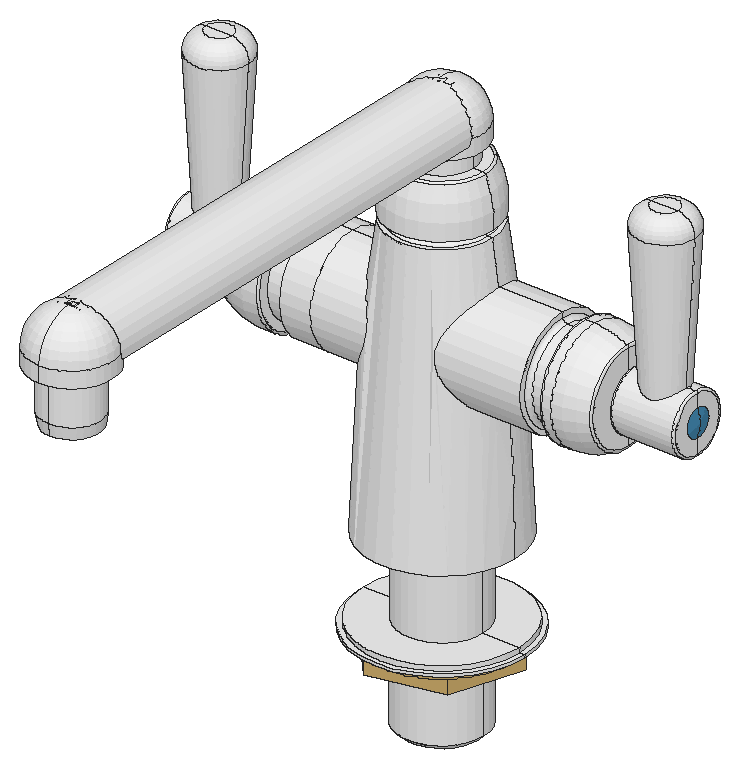
Revit family "Sanitary_Taps&Mixers_Zurn_Z826F1-XL", category Plumbing Fixtures, host Face, Revit 2022
Family settings
  Host = Face
  Round Connector Dimension = Use Radius
  Part Type = Normal
  OmniClass Number = 23.45.55.17
  OmniClass Title = Mixing Faucets
  Cut with Voids When Loaded = No
  Maintain Annotation Orientation = No
  Shared = No
  Room Calculation Point = No
Parameters (values of type "Z826F1-XL-2F (2.2 GPM AERATOR OUTLET)")
  Waste Connection = 1 = 0  # no
  WFU = 0  # constant formula
  Vent Connection = 1 = 0  # no
  URL = "http://www.zurn.com/"
  Type of Outlet = "AERATOR"
  Type Comments = ""
  Spout Reach = 3.750"  # constant formula
  Spout Height = 5.125"  # constant formula
  Spout Base Width = 3.875"  # constant formula
  Product data url = "https://www.bimobject.com/en-us/zurnindustries/product/zurn-z826f1-xl"
  Product Page URL = "https://www.zurn.com/products/finish-plumbing/aquaspec-manual-faucets/manual-faucets/z826f1-xl"
  Product Documentation Link = "https://files.zurn.com/spec-sheets/ss-z826f1-xl.pdf"
  Modified date = "10/16/2025"  # constant formula
  Model = "Z826F1-XL"  # constant formula
  Manufacturer Brand = "Zurn"  # constant formula
  Manufacturer = "Zurn Water, LLC"  # constant formula
  Main Material = Chrome-Plated Brass - Zurn - Polished
  Handle length = 2.500"  # constant formula
  HWFU = 1  # constant formula
  HW Connection = 1 = 1  # yes
  Flow Rate = 2.2 GPM
  Distance b/w spout axis to aerator Axis = 6.000"  # constant formula
  Description = "LABORATORY FAUCET - DOUBLE"  # constant formula
  Default Elevation = 34.000"  # constant formula
  Date Created = "10/16/2025"  # constant formula
  Inlet Connection Size (inch) = 0.500"
  CWFU = 1  # constant formula
  CW Connection = 1 = 1  # yes
  Assembly Code = "D2010.60"
Types (9): name | Type of Outlet | Flow Rate
  (no name) | "AERATOR" | 2.2 GPM
  Z826F1-XL-2F (2.2 GPM AERATOR OUTLET) | "AERATOR" | 2.2 GPM
  Z826F1-XL-3F (0.5 GPM SPRAY OUTLET) | "SPRAY" | 0.5 GPM
  Z826F1-XL-4F (2.2 GPM LAMINAR OUTLET) | "LAMINAR" | 2.2 GPM
  Z826F1-XL-7F (1.0 GPM SPRAY OUTLET) | "SPRAY" | 1 GPM
  Z826F1-XL-16F (1.0 GPM SPRAY OUTLET) | "SPRAY" | 1 GPM
  Z826F1-XL-17F (1.5 GPM AERATOR OUTLET) | "AERATOR" | 1.5 GPM
  Z826F1-XL-18F (1.5 GPM LAMINAR OUTLET) | "LAMINAR" | 1.5 GPM
  Z826F1-XL-22F (1.0 GPM LAMINAR OUTLET) | "LAMINAR" | 1 GPM
Reference planes (in)
  plane 1 "Center (Front/Back)": y = 0
  plane 2: z = 0
  plane 3 "Center (Left/Right)": x = 0
  plane 4: x = -3.98713
  plane 5: x = 3.98623
Dimensions and locks (in)
  aligned and locked: plane 2 to host face
  aligned and locked: level to host face
  aligned and locked: host face to plane 5
  aligned and locked: host face to plane 4
  aligned and locked: plane 1 "Center (Front/Back)" to nested 1
  aligned and locked: plane 3 "Center (Left/Right)" to nested 1
  aligned and locked: host face to nested 1
Nested families (in)
  nested 1: "Z826F" at (0, 0, 0), Product Material <- "Main Material", type "Z826F"
    with Product Material Chrome-Plated Brass - Zurn - Polished
Definition of nested family "Z826F"
  Parameters (values of type "Z826F")
    Waste Connection = no
    Vent Connection = no
    Product Material [instance] = none
    HWFU = 0
    HW Connection = yes
    Diameter = 0.375"
    Default Elevation = 48.000"
    CWFU = 0
    CW Connection = yes
  Reference planes (in)
    plane 1 "Center (Front/Back)": y = 0
    plane 2: z = 0
    plane 3 "Center (Left/Right)": x = 0
    plane 4: z = -2.77518
    plane 5: x = 3.28435
    plane 6: x = -3.28435
    plane 7: z = 5.25
  Forms (in)
    Revolve 1, solid, material <- "Product Material", detail levels fine
      sketch origin (0, 0, 0) x (1, 0, 0) y (0, 0, 1)
        loop
          line (0.53134, 0) -> (0.94061, 0)
          arc (0.94061, 0) -> (0.86215, 1.80492) -> (0.65815, 3.6) r 25.92061
          line (0.65815, 3.6) -> (0.59033, 3.6)
          arc (0.59033, 3.6) -> (0.55009, 3.61667) -> (0.53343, 3.6569) r 0.0569
          line (0.53343, 3.6569) -> (0.53343, 3.7) -> (0.66604, 3.7)
          arc (0.66604, 3.7) -> (0.65269, 4.00653) -> (0.5604, 4.29913) r 1.1742
          arc (0.5604, 4.29913) -> (0.5481, 4.31378) -> (0.53013, 4.32032) r 0.03696
          line (0.53013, 4.32032) -> (0.40382, 4.32032) -> (0.40382, 4.54775) -> (0, 4.54775) -> (0, 3.7) -> (0, 0) -> (0, -1.09636) -> (0.97884, -1.09636) -> (1.06766, -1.09636) -> (1.06766, -1.062) -> (1.00238, -1.062) -> (1.00238, -1) -> (0.53134, -1) -> (0.53134, 0)
        loop
          line (0.53511, -1.375) -> (0, -1.375) -> (0, -2.25) -> (0.47496, -2.25) -> (0.53511, -2.18984) -> (0.53511, -1.375)
        axis (0, 4.54775) -> (0, -2.25)
      angle from 0 to 360
    Revolve 2, solid, material <- "Product Material", detail levels fine
      sketch origin (0, 0, 0) x (1, 0, 0) y (0, 0, 1)
        loop
          arc (-2.37154, 1.78028) -> (-2.10924, 1.691) -> (-1.83238, 1.67998) r 0.96454
          arc (-1.83238, 1.67998) -> (-1.81362, 1.68775) -> (-1.80585, 1.70651) r 0.02653
          line (-1.80585, 1.70651) -> (-1.80585, 1.81801) -> (-1.609, 1.81801)
          arc (-1.609, 1.81801) -> (-1.56479, 1.79969) -> (-1.54648, 1.75549) r 0.06252
          line (-1.54648, 1.75549) -> (-1.54648, 1.70053) -> (-1.15278, 1.70053) -> (1.55315, 1.70053) -> (1.55315, 1.76046)
          arc (1.55315, 1.76046) -> (1.57041, 1.80213) -> (1.61208, 1.81939) r 0.05893
          line (1.61208, 1.81939) -> (1.81215, 1.81939) -> (1.81215, 1.71631)
          arc (1.81215, 1.71631) -> (1.82286, 1.69046) -> (1.84871, 1.67975) r 0.03656
          line (1.84871, 1.67975) -> (1.96611, 1.67975)
          arc (1.96611, 1.67975) -> (2.18179, 1.70623) -> (2.38465, 1.78411) r 0.89152
          arc (2.38465, 1.78411) -> (2.39775, 1.79675) -> (2.40215, 1.81441) r 0.03301
          line (2.40215, 1.81441) -> (2.40215, 2.19428) -> (2.46065, 2.19428) -> (2.46065, 2.03199)
          arc (2.46065, 2.03199) -> (2.46929, 2.01112) -> (2.49016, 2.00248) r 0.02951
          line (2.49016, 2.00248) -> (3.26561, 2.00248)
          arc (3.26561, 2.00248) -> (3.28331, 2.00981) -> (3.29065, 2.02752) r 0.02504
          line (3.29065, 2.02752) -> (3.29065, 2.38113) -> (2.40215, 2.38113) -> (0.5689, 2.38113) -> (-3.28435, 2.38113) -> (-3.28435, 2.03665)
          arc (-3.28435, 2.03665) -> (-3.27415, 2.01202) -> (-3.24952, 2.00181) r 0.03483
          line (-3.24952, 2.00181) -> (-2.4773, 2.00181)
          arc (-2.4773, 2.00181) -> (-2.45907, 2.01051) -> (-2.45435, 2.03015) r 0.02346
          line (-2.45435, 2.03015) -> (-2.45435, 2.19839) -> (-2.39585, 2.19839) -> (-2.39585, 1.80953)
          arc (-2.39585, 1.80953) -> (-2.39047, 1.79246) -> (-2.37628, 1.78157) r 0.02975
        axis (-3.28435, 2.38113) -> (3.29065, 2.38113)
      angle from 0 to 360
    Revolve 3, solid, material <- "Product Material"
      sketch origin (0, 0, 0) x (1, 0, 0) y (0, 0, 1)
        loop
          line (-2.86728, 4.75854) -> (-3.03581, 4.75854)
          arc (-3.03581, 4.75854) -> (-3.19254, 4.67829) -> (-3.24435, 4.51001) r 0.22638
          line (-3.24435, 4.51001) -> (-2.86728, 4.51001) -> (-2.86728, 4.75854)
        axis (-2.86728, 4.75854) -> (-2.86728, 4.51001)
      angle from 0 to 360
    Revolve 4, solid, material <- "Product Material"
      sketch origin (0, 0, 0) x (1, 0, 0) y (0, 0, 1)
        loop
          line (-2.86728, 4.51001) -> (-3.24435, 4.51001) -> (-3.13604, 2.62921) -> (-2.86728, 2.62921) -> (-2.86728, 4.51001)
        axis (-2.86728, 4.51001) -> (-2.86728, 2.62921)
      angle from 0 to 360
    Revolve 5, solid, material <- "Product Material"
      sketch origin (5.74293, 0, 0) x (1, 0, 0) y (0, 0, 1)
        loop
          line (-2.86728, 4.51001) -> (-3.24435, 4.51001) -> (-3.13604, 2.62921) -> (-2.86728, 2.62921) -> (-2.86728, 4.51001)
        axis (-2.86728, 4.51001) -> (-2.86728, 2.62921)
      angle from 0 to 360
    Revolve 6, solid, material <- "Product Material"
      sketch origin (5.745, 0, 0) x (1, 0, 0) y (0, 0, 1)
        loop
          line (-2.86728, 4.75854) -> (-3.03581, 4.75854)
          arc (-3.03581, 4.75854) -> (-3.19254, 4.67829) -> (-3.24435, 4.51001) r 0.22638
          line (-3.24435, 4.51001) -> (-2.86728, 4.51001) -> (-2.86728, 4.75854)
        axis (-2.86728, 4.75854) -> (-2.86728, 4.51001)
      angle from 0 to 360
    Extrusion 7, solid, material <- "Product Material"
      sketch origin (0, 0, 0) x (1, 0, 0) y (0, 0, 1)
        loop
          line (-0.4745, 4.66543) -> (0.48079, 4.66543)
          arc (0.48079, 4.66543) -> (0.00315, 5.24148) -> (-0.4745, 4.66543) r 0.48605
      from 0 to 6.00125
    Revolve 8, solid, material <- "Product Material"
      sketch origin (0, 0, 0) x (0, 1, 0) y (0, 0, 1)
        loop
          line (0, 5.2412) -> (0, 4.75534) -> (0, 4.54543) -> (0.51183, 4.54543) -> (0.51183, 4.74628)
          arc (0.51183, 4.74628) -> (0.36086, 5.10227) -> (0, 5.2412) r 0.4952
        axis (0, 5.2412) -> (0, 4.54543)
      angle from 0 to 360
    Revolve 9, solid, material <- "Product Material"
      sketch origin (0, -5.95472, 0) x (0, 1, 0) y (0, 0, 1)
        loop
          line (0.36123, 4.54543) -> (0.51183, 4.54543) -> (0.51183, 4.74628)
          arc (0.51183, 4.74628) -> (0.35738, 5.1056) -> (-0.00962, 5.24079) r 0.4952
          line (-0.00962, 5.24079) -> (-0.00962, 3.85743) -> (0.33458, 3.85743) -> (0.36123, 4.00858) -> (0.36123, 4.54543)
        axis (-0.00962, 3.85743) -> (-0.00962, 5.24079)
      angle from 0 to 360
    Extrusion 10, solid, detail levels fine
      sketch origin (0, 0, 0) x (1, 0, 0) y (0, 1, 0)
        loop
          line (0.29351, 0.89365) -> (-0.62559, 0.69829) -> (-0.91596, -0.19536) -> (-0.28722, -0.89365) -> (0.63189, -0.69829) -> (0.92225, 0.19536) -> (0.29351, 0.89365)
      from -1.375 to -1.175
    Revolve 11, solid, material <- "Product Material", detail levels coarse+medium
      sketch origin (0, 0, 0) x (1, 0, 0) y (0, 0, 1)
        loop
          line (-3.28435, 2.37254) -> (-0.00935, 2.37254) -> (3.28435, 2.37254) -> (3.28435, 2.74751) -> (2.39648, 2.74751) -> (2.39648, 3.06173) -> (1.54648, 3.06173) -> (0.73265, 3.06173) -> (0, 3.06173) -> (-0.73265, 3.06173) -> (-2.37154, 3.06173) -> (-2.37154, 2.74751) -> (-3.28435, 2.74751) -> (-3.28435, 2.37254)
        axis (-3.28435, 2.37254) -> (3.28435, 2.37254)
      angle from 0 to 360
    Revolve 12, solid, material <- "Product Material", detail levels coarse+medium
      sketch origin (0, 0, 0) x (1, 0, 0) y (0, 0, 1)
        loop
          line (0, 4.54543) -> (0, 0) -> (0.54032, 0) -> (0.94061, 0) -> (0.94061, 3.6) -> (0.41454, 3.6) -> (0.41454, 4.54543) -> (0, 4.54543)
        axis (0, 4.54543) -> (0, 0)
      angle from 0 to 360
    Revolve 13, solid, material <- "Product Material", detail levels coarse+medium
      sketch origin (0, 0, 0) x (1, 0, 0) y (0, 0, 1)
        loop
          line (0, 0) -> (0, -2.25) -> (0.54032, -2.25) -> (0.54032, 0) -> (0, 0)
        axis (0, 0) -> (0, -2.25)
      angle from 0 to 360
    Revolve 14, solid, detail levels fine
      sketch origin (0, 0, 0) x (1, 0, 0) y (0, 0, 1)
        loop
          line (0, -1.095) -> (0, -1.175) -> (0.94614, -1.175)
          arc (0.94614, -1.175) -> (0.97265, -1.16402) -> (0.98363, -1.1375) r 0.0375
          line (0.98363, -1.1375) -> (0.98363, -1.095) -> (0, -1.095)
        axis (0, -1.095) -> (0, -1.175)
      angle from 0 to 360
    Revolve 15, solid
      sketch origin (0, 0, 0) x (1, 0, 0) y (0, 0, 1)
        loop
          line (3.23767, 2.4029) -> (3.3292, 2.4029)
          arc (3.3292, 2.4029) -> (3.31319, 2.52049) -> (3.26545, 2.62914) r 0.4272
          line (3.26545, 2.62914) -> (3.23767, 2.4029)
        axis (3.23767, 2.4029) -> (3.3292, 2.4029)
      angle from 0 to 360
    Revolve 16, solid
      sketch origin (0, 0, 0) x (-1, 0, 0) y (0, 0, 1)
        loop
          line (3.23767, 2.4029) -> (3.3292, 2.4029)
          arc (3.3292, 2.4029) -> (3.31319, 2.52049) -> (3.26545, 2.62914) r 0.4272
          line (3.26545, 2.62914) -> (3.23767, 2.4029)
        axis (3.23767, 2.4029) -> (3.3292, 2.4029)
      angle from 0 to 360
  Cuts and joins
    joined: Revolve 1, Revolve 2
  Lines and regions (in)
    Masking region 1, detail levels coarse+medium
      outline origin (0, 0, 0) x (1, 0, 0) y (0, 1, 0)
        loop
          line (-2.37154, 0.68919) -> (-2.37154, 0.37457) -> (-3.28435, 0.37457) -> (-3.28435, -0.37497) -> (-2.37154, -0.37497) -> (-2.37154, -0.68919) -> (-0.64013, -0.68919)
          arc (-0.64013, -0.68919) -> (-0.56223, -0.75409) -> (-0.4778, -0.81023) r 0.94061
          line (-0.4778, -0.81023) -> (-0.4778, -6.17318)
          arc (-0.4778, -6.17318) -> (0.00658, -6.48495) -> (0.49095, -6.17318) r 0.53216
          line (0.49095, -6.17318) -> (0.49095, -0.80232)
          arc (0.49095, -0.80232) -> (0.56752, -0.75164) -> (0.63484, -0.68919) r 0.56374
          line (0.63484, -0.68919) -> (2.39648, -0.68919) -> (2.39648, -0.37497) -> (3.28435, -0.37497) -> (3.28435, 0.38244) -> (2.39648, 0.38244) -> (2.39648, 0.68919) -> (0.64013, 0.68919)
          arc (0.64013, 0.68919) -> (0.0027, 0.93578) -> (-0.63473, 0.68919) r 0.94719
          line (-0.63473, 0.68919) -> (-2.37154, 0.68919)
    Masking region 2, detail levels fine
      outline origin (0, 0, 0) x (1, 0, 0) y (0, 1, 0)
        loop
          line (-3.28419, 0.34305) -> (-3.28419, -0.34594)
          arc (-3.28419, -0.34594) -> (-3.27408, -0.37035) -> (-3.24967, -0.38046) r 0.03452
          line (-3.24967, -0.38046) -> (-2.4794, -0.38046)
          arc (-2.4794, -0.38046) -> (-2.46188, -0.3732) -> (-2.45462, -0.35568) r 0.02478
          line (-2.45462, -0.35568) -> (-2.45462, -0.1838) -> (-2.39585, -0.1838) -> (-2.39585, -0.56927)
          arc (-2.39585, -0.56927) -> (-2.38907, -0.5892) -> (-2.37154, -0.60085) r 0.03267
          arc (-2.37154, -0.60085) -> (-2.10983, -0.69331) -> (-1.83238, -0.70116) r 0.89516
          arc (-1.83238, -0.70116) -> (-1.8136, -0.69338) -> (-1.80582, -0.6746) r 0.02656
          line (-1.80582, -0.6746) -> (-1.80582, -0.56402) -> (-1.6081, -0.56402)
          arc (-1.6081, -0.56402) -> (-1.56453, -0.58206) -> (-1.54648, -0.62563) r 0.06162
          line (-1.54648, -0.62563) -> (-1.54648, -0.6806) -> (-0.78638, -0.6806)
          arc (-0.78638, -0.6806) -> (-0.64367, -0.81688) -> (-0.4778, -0.92375) r 1.04
          line (-0.4778, -0.92375) -> (-0.4778, -6.02966)
          arc (-0.4778, -6.02966) -> (-0.33408, -6.36216) -> (0.00658, -6.48529) r 0.45648
          arc (0.00658, -6.48529) -> (0.34723, -6.36216) -> (0.49095, -6.02966) r 0.45648
          line (0.49095, -6.02966) -> (0.49095, -0.91682)
          arc (0.49095, -0.91682) -> (0.64949, -0.81226) -> (0.78638, -0.6806) r 1.04
          line (0.78638, -0.6806) -> (1.54648, -0.6806) -> (1.54648, -0.62563)
          arc (1.54648, -0.62563) -> (1.56453, -0.58206) -> (1.6081, -0.56402) r 0.06162
          line (1.6081, -0.56402) -> (1.80582, -0.56402) -> (1.80582, -0.6746)
          arc (1.80582, -0.6746) -> (1.8136, -0.69338) -> (1.83238, -0.70116) r 0.02656
          arc (1.83238, -0.70116) -> (2.10983, -0.69331) -> (2.37154, -0.60085) r 0.89516
          arc (2.37154, -0.60085) -> (2.38907, -0.5892) -> (2.39585, -0.56927) r 0.03267
          line (2.39585, -0.56927) -> (2.39585, -0.1838) -> (2.45462, -0.1838) -> (2.45462, -0.35568)
          arc (2.45462, -0.35568) -> (2.46188, -0.3732) -> (2.4794, -0.38046) r 0.02478
          line (2.4794, -0.38046) -> (3.24967, -0.38046)
          arc (3.24967, -0.38046) -> (3.27408, -0.37035) -> (3.28419, -0.34594) r 0.03452
          line (3.28419, -0.34594) -> (3.28419, 0.34305)
          arc (3.28419, 0.34305) -> (3.2734, 0.36909) -> (3.24736, 0.37988) r 0.03683
          line (3.24736, 0.37988) -> (2.4737, 0.37988)
          arc (2.4737, 0.37988) -> (2.45928, 0.37041) -> (2.45415, 0.35393) r 0.02559
          line (2.45415, 0.35393) -> (2.45415, 0.18141) -> (2.39585, 0.18141) -> (2.39585, 0.57151)
          arc (2.39585, 0.57151) -> (2.38898, 0.59056) -> (2.37154, 0.60085) r 0.02986
          arc (2.37154, 0.60085) -> (2.11035, 0.69093) -> (1.83433, 0.70311) r 0.96259
          arc (1.83433, 0.70311) -> (1.81385, 0.69463) -> (1.80536, 0.67414) r 0.02897
          line (1.80536, 0.67414) -> (1.80536, 0.56444) -> (1.60737, 0.56444)
          arc (1.60737, 0.56444) -> (1.56763, 0.57891) -> (1.54648, 0.61554) r 0.06183
          line (1.54648, 0.61554) -> (1.54648, 0.6806) -> (0.78638, 0.6806)
          arc (0.78638, 0.6806) -> (0.43471, 0.94891) -> (0, 1.03072) r 0.95842
          arc (0, 1.03072) -> (-0.43471, 0.94891) -> (-0.78638, 0.6806) r 0.95842
          line (-0.78638, 0.6806) -> (-1.54648, 0.6806) -> (-1.54648, 0.61554)
          arc (-1.54648, 0.61554) -> (-1.56763, 0.57891) -> (-1.60737, 0.56444) r 0.06183
          line (-1.60737, 0.56444) -> (-1.80536, 0.56444) -> (-1.80536, 0.67414)
          arc (-1.80536, 0.67414) -> (-1.81385, 0.69463) -> (-1.83433, 0.70311) r 0.02897
          arc (-1.83433, 0.70311) -> (-2.11035, 0.69093) -> (-2.37154, 0.60085) r 0.96259
          arc (-2.37154, 0.60085) -> (-2.38898, 0.59056) -> (-2.39585, 0.57151) r 0.02986
          line (-2.39585, 0.57151) -> (-2.39585, 0.18141) -> (-2.45415, 0.18141) -> (-2.45415, 0.35393)
          arc (-2.45415, 0.35393) -> (-2.45928, 0.37041) -> (-2.4737, 0.37988) r 0.02559
          line (-2.4737, 0.37988) -> (-3.24736, 0.37988)
          arc (-3.24736, 0.37988) -> (-3.2734, 0.36909) -> (-3.28419, 0.34305) r 0.03683
    symbolic lines
      curve 1: circle (-2.86962, 0, 0) r 0.17415 normal (0, 0, 1)
      curve 2: circle (-2.87492, 0, 0) r 0.37744 normal (0, 0, 1)
      curve 3: circle (2.86962, 0, 0) r 0.17415 normal (0, 0, -1)
      curve 4: circle (2.87492, 0, 0) r 0.37744 normal (0, 0, -1)
      curve 9: line (-0.4778, -0.81023, 0) -> (-0.4778, 0, 0)
      curve 10: line (0.49095, -0.80232, 0) -> (0.49095, 0, 0)
      curve 11: arc (0.49095, 0, 0) -> (0.00658, 0.48438, 0) -> (-0.4778, 0, 0) r 0.48438
    symbolic lines, detail levels coarse+medium
      curve 5: line (-2.37154, 0.37497, 0) -> (-2.37154, -0.37497, 0)
      curve 6: line (2.39648, 0.37497, 0) -> (2.39648, -0.37497, 0)
      curve 7: arc (-0.63608, 0.68795, 0) -> (-0.93593, -0.00396, 0) -> (-0.63025, -0.69332, 0) r 0.93908
      curve 8: arc (0.65019, -0.6806, 0) -> (0.94222, 0.00563, 0) -> (0.64199, 0.68831, 0) r 0.93908
    symbolic lines, detail levels fine
      curve 12: line (-2.45487, 0.18294, 0) -> (-2.45487, -0.17782, 0)
      curve 13: line (-2.39585, 0.18274, 0) -> (-2.39585, -0.18274, 0)
      curve 14: line (-1.83238, 0.70116, 0) -> (-1.83238, -0.70116, 0)
      curve 15: line (-2.37154, 0.60085, 0) -> (-2.37154, -0.60085, 0)
      curve 16: line (-1.80585, 0.56313, 0) -> (-1.80585, -0.56279, 0)
      curve 17: line (-1.54648, -0.61419, 0) -> (-1.54648, 0.62353, 0)
      curve 18: arc (0.94061, 0, 0) -> (0, 0.94061, 0) -> (-0.94061, 0, 0) r 0.94061
      curve 19: arc (-0.94061, 0, 0) -> (-0.81676, -0.46655, 0) -> (-0.4778, -0.81023, 0) r 0.94061
      curve 20: arc (-0.66604, 0, 0) -> (0, 0.66604, 0) -> (0.66604, 0, 0) r 0.66604
      curve 21: arc (0.66604, 0, 0) -> (0.61994, -0.24348, 0) -> (0.48802, -0.45326, 0) r 0.66604
      curve 22: arc (0.73591, 0.6806, 0) -> (0, 1.00238, 0) -> (-0.73591, 0.6806, 0) r 1.00238
      curve 23: arc (0.49095, -0.80232, 0) -> (0.82053, -0.45987, 0) -> (0.94061, 0, 0) r 0.94061
      curve 24: arc (0.73591, -0.6806, 0) -> (0.621, -0.78685, 0) -> (0.49095, -0.87392, 0) r 1.00238
      curve 25: arc (-0.4778, -0.88118, 0) -> (-0.61508, -0.79148, 0) -> (-0.73591, -0.6806, 0) r 1.00238
      curve 26: line (2.45487, 0.18294, 0) -> (2.45487, -0.17782, 0)
      curve 27: line (2.39585, 0.18274, 0) -> (2.39585, -0.18274, 0)
      curve 28: line (1.83238, 0.70116, 0) -> (1.83238, -0.70116, 0)
      curve 29: line (2.37154, 0.60085, 0) -> (2.37154, -0.60085, 0)
      curve 30: line (1.80585, 0.56313, 0) -> (1.80585, -0.56279, 0)
      curve 31: line (1.54648, -0.61419, 0) -> (1.54648, 0.62353, 0)
      curve 32: arc (-0.48238, -0.45926, 0) -> (-0.61842, -0.24731, 0) -> (-0.66604, 0, 0) r 0.66604
      curve 33: line (-0.78638, 0.6806, 0) -> (-0.64926, 0.6806, 0)
      curve 34: line (0.78638, 0.6806, 0) -> (0.65019, 0.6806, 0)
      curve 35: line (-0.78638, -0.6806, 0) -> (-0.64389, -0.6806, 0)
      curve 36: line (-0.4778, -0.92375, 0) -> (-0.4778, -0.81023, 0)
      curve 37: line (0.78638, -0.6806, 0) -> (0.65019, -0.6806, 0)
      curve 38: line (0.49095, -0.91682, 0) -> (0.49095, -0.80232, 0)
  Dimensions and locks (in)
    aligned and locked: level to plane 2
